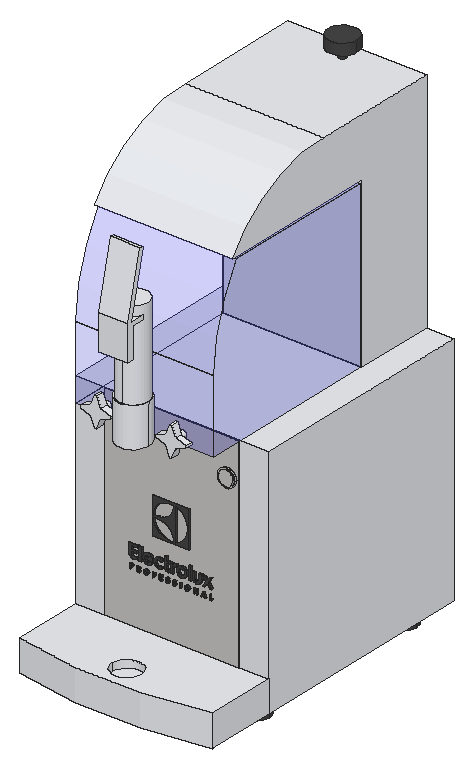
Revit family "QF_ELECTROLUXPROFESSIONAL_562514_GT1PR290", category Attrezzature speciali, Revit 2020
Family settings
  Quota connettore circolare = Usa diametro
  Tipo di parte = Normale
  Basato su piano di lavoro = No
  Sempre verticale = Sì
  Taglio con vuoti quando caricato = No
  Condiviso = No
  Punto di calcolo locali = No
Parameters (values of type "Standard")
  Weight = 28.00 kg
  Watts = 420 W
  Volts = 220 V
  URL Manufacturer = "https://www.electroluxprofessional.com/"
  URL = "https://www.electroluxprofessional.com/"
  Steam Supply Size = 0 mm
  Steam Supply Minimum Pressure = 0.0 Pa
  Steam Supply Maximum Pressure = 0.0 Pa
  Steam Consumption per Hour = 0
  Show Logo [instance] = yes
  Show Clearance [instance] = yes
  Refrigeration Suction Line Size = 0 mm
  Refrigeration Liquid Line Size = 0 mm
  Refrigerant Compressor Remote = yes
  Prospetto di default = 0 mm
  Produttore = "Electrolux Professional"
  Phase = 1
  Modello = "GT1PR290"
  Length Actual = 260 mm  # constant formula
  Item Number = "562514"
  Hot Water Size = 0 mm
  Height Actual = 650 mm  # constant formula
  HP = "0.6 HP"
  Gas Size = 0 mm
  Gas KW = 0
  Gas Input Pressure = 0 W
  Direct Waste Size = 0 mm
  Descrizione = "1X5 LT BOWL - FROZEN GRANITA, FROZEN CREAMS AND SOFT ICE CREAM DISPENSER - 1 INSULATED BOWL - WHITE, R290"
  Depth Actual = 425 mm  # constant formula
  Cycle = 50 Hz
  Condensate Return Size = 0 mm
  Compressed Air Volume = 0.0 L/s
  Compressed Air Size = 0 mm
  Compressed Air Pressure = 0.0 Pa
  Cold Water Size = 0 mm
  Accessory = yes
Reference planes
  plane 1: z = 0
  plane 2 "LEFT": x = -300
  plane 3 "BACK": y = 282.5
  plane 4: z = 648.875
  plane 5: z = 340
  plane 6: z = 63
  plane 7: z = 677
  plane 8: x = -38
  plane 9: y = -142.5
Forms (mm)
  Extrusion 1, solid, material "QF_Finishes_White"
    sketch origin (0, -1.353, -30) x (1, 0, 0) y (0, 1, 0)
      loop
        line (-300, 283.853) -> (-300, -31.147) -> (-38, -31.147) -> (-38, 283.853) -> (-300, 283.853)
    from 50 to 370
  Extrusion 2, solid, material "QF_Finishes_Stainless Steel"
    sketch origin (15.921, 130.5, -87.462) x (1, 0, 0) y (0, 1, 0)
      loop
        line (-93.921, -163) -> (-275.921, -163) -> (-275.921, -163.8) -> (-93.921, -163.8) -> (-93.921, -163)
    from 150.462 to 427.462
  Extrusion 3, solid, material "QF_Finishes_Stainless Steel"
    sketch origin (-521.596, -170.677, 18) x (0, -1, 0) y (1, 0, 0)
      loop
        line (-163.023, 407.596) -> (-163.023, 427.596) -> (-183.023, 427.596) -> (-183.023, 407.596) -> (-163.023, 407.596)
    from 0 to 2
Dimensions and locks
  plane 4 to level = 648.875 mm
  level to plane 7 = 677 mm
  plane 6 to level = 63 mm
  plane 5 to plane 6 = 277 mm
  plane 2 "LEFT" to plane 8 = 262 mm
  plane 9 to plane 3 "BACK" = 425 mm
  plane 5 to nested 11 = 246.5 mm
  plane 3 "BACK" to nested 11 = 417.25 mm
  plane 3 "BACK" to plane 9 = 425 mm
  aligned and locked: level to plane 1
Nested families
  nested 1: "MANOPOLA BEVERAGE" at (-220, -78.664, 353.538) x (0, 0, 1) z (0, -1, 0), type "MANOPOLA BEVERAGE"
  nested 2: "MANOPOLA BEVERAGE" at (-118, -78.664, 353.538) x (0, 0, 1) z (0, -1, 0), type "MANOPOLA BEVERAGE"
  nested 3: "PORTAGRANITE BEVERAGE-fat" at (-169, 107.419, 340), type "PORTAGRANITE BEVERAGE-fat"
  nested 4: "VASCHETTA BEVERAGE_Large" at (-169, -32.5, 41.5) x (1, 0, 0) z (0, -1, 0), type "VASCHETTA BEVERAGE_Large"
  nested 5: "ELXP_LOGO_ONLY_MEDIUM" at (-169, -33.3, 208.538) x (1, 0, 0) z (0, -1, 0), Show Logo <- "Show Logo", visible <- "Show Logo", type "ELXP_LOGO_ONLY_MEDIUM"
    with Show Logo yes
  nested 6: "ELX_LOGO_WORDS_MEDIUM" at (-169, -33.3, 149.149) x (1, 0, 0) z (0, -1, 0), visible <- "Show Logo", Show Logo <- "Show Logo", type "ELX_LOGO_WORDS_MEDIUM"
    with Show Logo yes
  nested 7: "Piedino 20x19 mm - Beverage" at (-264, 240.5, 0), type "Piedino 20x19 mm - Beverage"
  nested 8: "Piedino 20x19 mm - Beverage" at (-264, -9.5, 0), type "Piedino 20x19 mm - Beverage"
  nested 9: "Piedino 20x19 mm - Beverage" at (-74, 240.5, 0), type "Piedino 20x19 mm - Beverage"
  nested 10: "Piedino 20x19 mm - Beverage" at (-74, -9.5, 0), type "Piedino 20x19 mm - Beverage"
  nested 11: "BOCCHETTONE BEVERAGE_Tozzo" at (-167.625, -78.664, 463) x (1, 0, 0) z (0, -1, 0), type "BOCCHETTONE BEVERAGE_Tozzo"
  nested 12: "MANOPOLA APERTURA BEVERAGE " at (-169, 257.5, 648.875) x (-1, 0, 0) z (0, 0, 1), type "MANOPOLA APERTURA BEVERAGE "
  nested 13: "Bottone" at (-93, -33.3, 290) x (1, 0, 0) z (0, -1, 0), type "Bottone"
Connectors
  electrical at (-104, 2.346, 18), driven by "Volts"
    settings: on Extrusion 3, index 73, voltage 220 V, apparent load 0 VA, apparent load phase1 0 VA, apparent load phase2 0 VA, apparent load phase3 0 VA, power factor 1, load classification "Altro", number of poles 1, system type 30, power factor state 1, is connector primary yes, connector utility no, sub classification motor no, connector description "Electrical Connection"
Definition of nested family "MANOPOLA BEVERAGE"
  Parameters (values of type "MANOPOLA BEVERAGE")
    Default Elevation = 1219.2 mm
  Reference planes
    plane 1 "Centro (Fronte/Retro)": y = 0
    plane 2: z = 0
    plane 3 "Centro (Sinistra/Destra)": x = 0
    plane 4: z = 20
  Forms (mm)
    Extrusion 1, solid
      sketch origin (0, 0, 0) x (1, 0, 0) y (0, 1, 0)
        loop
          line (-1219.2, 1219.2) -> (-1219.2, -1219.2) -> (1219.2, -1219.2) -> (1219.2, 1219.2) -> (-1219.2, 1219.2)
      from 0 to -304.8
    Extrusion 2, solid
      sketch origin (0, 0, 10) x (1, 0, 0) y (0, 1, 0)
        loop
          line (-20, -1.333) -> (-6.314, -6.314) -> (-1.333, -20) -> (1.333, -20) -> (6.314, -6.314) -> (20, -1.333) -> (20, 1.333) -> (6.314, 6.314) -> (1.333, 20) -> (-1.333, 20) -> (-6.314, 6.314) -> (-20, 1.333) -> (-20, -1.333)
      from 0 to 10
    Extrusion 3, solid
      sketch origin (0, 0, 0) x (1, 0, 0) y (0, 1, 0)
        loop
          circle (0, 0) r 5
      from 0 to 10
  Dimensions and locks
    aligned and locked: plane 2 to Extrusion 1
    aligned and locked: level to Extrusion 1
Definition of nested family "PORTAGRANITE BEVERAGE-fat"
  Parameters (values of type "PORTAGRANITE BEVERAGE-fat")
    Default Elevation = 1219.2 mm
  Reference planes
    plane 1 "Centro (Fronte/Retro)": y = 0
    plane 2: z = 0
    plane 3 "Centro (Sinistra/Destra)": x = 0
    plane 4: x = -94
    plane 5: x = 94
  Forms (mm)
    Extrusion 1, solid
      sketch origin (0, 0, 0) x (1, 0, 0) y (0, 1, 0)
        loop
          line (-1219.2, 1219.2) -> (-1219.2, -1219.2) -> (1219.2, -1219.2) -> (1219.2, 1219.2) -> (-1219.2, 1219.2)
      from 0 to -304.8
    Extrusion 2, solid
      sketch origin (-94, -107.419, -376) x (0, 1, 0) y (0, 0, 1)
        loop
          line (172.5, 604.875) -> (172.5, 376) -> (282.5, 376) -> (282.5, 684.875) -> (107.419, 684.875)
          arc (107.419, 684.875) -> (20.241, 663.694) -> (-47.5, 604.875) r 190
          line (-47.5, 604.875) -> (172.5, 604.875)
      from 0 to 188
    Extrusion 3, solid
      sketch origin (-101.5, -107.419, -378) x (0, 1, 0) y (0, 0, 1)
        loop
          line (170.5, 378) -> (170.5, 603) -> (-39.5, 603)
          arc (-39.5, 603) -> (-68.644, 543.496) -> (-78.664, 478) r 219.065
          line (-78.664, 478) -> (-78.664, 378) -> (170.5, 378)
      from 7.5 to 195.5
  Dimensions and locks
    plane 4 to plane 5 = 188 mm  (x2)
    Extrusion 2 sketch curve to Extrusion 2 sketch curve = 330 mm
    Extrusion 2 to Extrusion 3 sketch curve = 361.164 mm
    Extrusion 2 sketch curve to Extrusion 1 = 308.875 mm
    Extrusion 2 to Extrusion 3 = 361.164 mm
    Extrusion 2 to Extrusion 1 = 308.875 mm
    aligned and locked: plane 2 to Extrusion 1
    aligned and locked: level to Extrusion 1
Definition of nested family "VASCHETTA BEVERAGE_Large"
  Parameters (values of type "VASCHETTA BEVERAGE_Large")
    Default Elevation = 1219.2 mm
    Length = 262 mm
    Heigth = 43 mm
    Deep = 110 mm
  Reference planes
    plane 1 "Centro (Fronte/Retro)": y = 0
    plane 2: z = 0
    plane 3 "Centro (Sinistra/Destra)": x = 0
    plane 4: z = 110
    plane 5: x = 131
    plane 6: x = -131
  Forms (mm)
    Extrusion 1, solid
      sketch origin (0, 0, 0) x (1, 0, 0) y (0, 1, 0)
        loop
          line (-1219.2, 1219.2) -> (-1219.2, -1219.2) -> (1219.2, -1219.2) -> (1219.2, 1219.2) -> (-1219.2, 1219.2)
      from 0 to -304.8
    Extrusion 2, void
      sketch origin (202.5, -88.5, -167.5) x (1, 0, 0) y (0, 0, -1)
        loop
          circle (-202.5, -244.664) r 20
      from 100 to 110
    Extrusion 3, solid
      sketch origin (0, -2.5, 0) x (1, 0, 0) y (0, 0, 1)
        loop
          arc (131, 95) -> (0, 110.167) -> (-131, 95) r 573.335
          line (-131, 95) -> (-131, 0) -> (131, 0) -> (131, 95)
      from -24 to 19
  Cuts and joins
    Extrusion 2 cuts Extrusion 3
  Dimensions and locks
    "Heigth": Extrusion 3 to Extrusion 3
    "Length": plane 6 to plane 5
    "Deep": Extrusion 1 to plane 4
    aligned and locked: plane 2 to Extrusion 1
    aligned and locked: level to Extrusion 1
  Automatic sketch dimensions
    Extrusion 1 sketch curve to Extrusion 1 sketch curve = 2438.4 mm  (x2)
    Extrusion 2 sketch curve to plane 3 "Centro (Sinistra/Destra)" = 0 mm
    plane 4 to Extrusion 2 sketch curve = 32.836 mm
    Extrusion 3 sketch curve to level = 0 mm
    plane 6 to Extrusion 3 sketch curve = 0 mm
    Extrusion 3 sketch curve to plane 3 "Centro (Sinistra/Destra)" = 0 mm
    plane 5 to Extrusion 3 sketch curve = 0 mm
    Extrusion 3 sketch curve to level = 463.168 mm
    plane 4 to Extrusion 3 sketch curve = 15 mm
    Extrusion 3 sketch curve to Extrusion 3 sketch curve = 0 mm
    radius of Extrusion 2 sketch curve = 20 mm
Definition of nested family "ELXP_LOGO_ONLY_MEDIUM"
  Parameters (values of type "ELXP_LOGO_ONLY_MEDIUM")
    Show Logo [instance] = yes
    Default Elevation = 0 mm
  Reference planes
    plane 1 "Centro (Fronte/Retro)": y = 0
    plane 2: z = 0
    plane 3 "Centro (Sinistra/Destra)": x = 0
  Forms (mm)
    Extrusion 1, solid
      sketch origin (0, 0, 0) x (1, 0, 0) y (0, 1, 0)
        loop
          line (-1219.2, 1219.2) -> (-1219.2, -1219.2) -> (1219.2, -1219.2) -> (1219.2, 1219.2) -> (-1219.2, 1219.2)
      from 0 to -304.8
    Extrusion 2, solid, visible <- "Show Logo"
      sketch origin (15.862, -72.798, 0) x (1, 0, 0) y (0, 1, 0)
        loop
          line (-40.901, 47.952) -> (9.138, 47.952) -> (9.138, 97.923) -> (-40.901, 97.923) -> (-40.901, 47.952)
        loop
          line (-9.2, 95.47) -> (-9.2, 50.507)
          arc (-9.2, 50.507) -> (7.421, 72.988) -> (-9.2, 95.47) r 23.515
        loop
          line (-11.486, 92.214) -> (-11.486, 95.47)
          arc (-11.486, 95.47) -> (-30.185, 91.22) -> (-39.194, 74.292) r 23.044
          line (-39.194, 74.292) -> (-31.756, 74.292)
          arc (-31.756, 74.292) -> (-18.467, 79.686) -> (-11.486, 92.214) r 21.599
        loop
          arc (-39.194, 71.685) -> (-30.2, 54.618) -> (-11.486, 49.93) r 23.647
          line (-11.486, 49.93) -> (-11.486, 53.763)
          arc (-11.486, 53.763) -> (-18.467, 66.291) -> (-31.756, 71.685) r 21.599
          line (-31.756, 71.685) -> (-39.194, 71.685)
      from 0 to 1.644
  Dimensions and locks
    aligned and locked: plane 2 to Extrusion 1
    aligned and locked: level to Extrusion 1
Definition of nested family "ELX_LOGO_WORDS_MEDIUM"
  Parameters (values of type "ELX_LOGO_WORDS_MEDIUM")
    Show Logo [instance] = yes
    Default Elevation = 0 mm
  Reference planes
    plane 1 "Centro (Fronte/Retro)": y = 0
    plane 2: z = 0
    plane 3 "Centro (Sinistra/Destra)": x = 0
  Forms (mm)
    Extrusion 1, solid
      sketch origin (0, 0, 0) x (1, 0, 0) y (0, 1, 0)
        loop
          line (-1219.2, 1219.2) -> (-1219.2, -1219.2) -> (1219.2, -1219.2) -> (1219.2, 1219.2) -> (-1219.2, 1219.2)
      from 0 to -304.8
    Extrusion 2, solid, visible <- "Show Logo"
      sketch origin (0, 0, 0) x (1, 0, 0) y (0, 1, 0)
        loop
          line (-45.351, 15.842) -> (-56.505, 15.842) -> (-56.505, 2.853)
          arc (-56.505, 2.853) -> (-55.037, -0.691) -> (-51.493, -2.159) r 5.012
          line (-51.493, -2.159) -> (-45.135, -2.159) -> (-45.135, 0.755) -> (-50.767, 0.755)
          arc (-50.767, 0.755) -> (-52.618, 1.38) -> (-53.406, 3.168) r 2.423
          line (-53.406, 3.168) -> (-53.406, 5.743) -> (-45.833, 5.743) -> (-45.833, 8.668) -> (-53.406, 8.668) -> (-53.406, 12.925) -> (-45.351, 12.925) -> (-45.351, 15.842)
        loop
          line (-42.933, 15.842) -> (-42.933, -2.159) -> (-39.832, -2.159) -> (-39.832, 15.842) -> (-42.933, 15.842)
        loop
          line (24.405, 15.842) -> (24.405, -2.159) -> (27.508, -2.159) -> (27.508, 15.842) -> (24.405, 15.842)
        loop
          line (-34.705, 3.589) -> (-24.531, 3.589)
          arc (-24.531, 3.589) -> (-26.123, 9.178) -> (-31.565, 11.217) r 6.447
          arc (-31.565, 11.217) -> (-36.358, 8.786) -> (-37.726, 3.589) r 6.56
          arc (-37.726, 3.589) -> (-35.926, -0.757) -> (-31.58, -2.557) r 6.146
          arc (-31.58, -2.557) -> (-28.198, -2.058) -> (-25.362, -0.149) r 7.726
          line (-25.362, -0.149) -> (-27.199, 1.688)
          arc (-27.199, 1.688) -> (-29.61, 0.242) -> (-32.411, 0.485) r 4.558
          arc (-32.411, 0.485) -> (-34.119, 1.622) -> (-34.705, 3.589) r 3.019
        loop
          line (-34.628, 5.769) -> (-27.646, 5.769)
          arc (-27.646, 5.769) -> (-28.626, 7.83) -> (-30.779, 8.59) r 2.974
          arc (-30.779, 8.59) -> (-33.263, 7.943) -> (-34.628, 5.769) r 3.481
        loop
          line (-12.445, 7.067) -> (-10.499, 9.013)
          arc (-10.499, 9.013) -> (-12.94, 10.78) -> (-15.907, 11.309) r 6.746
          arc (-15.907, 11.309) -> (-20.432, 9.655) -> (-22.806, 5.463) r 6.977
          arc (-22.806, 5.463) -> (-18.803, -1.885) -> (-10.608, -0.191) r 7.026
          line (-10.608, -0.191) -> (-12.544, 1.745)
          arc (-12.544, 1.745) -> (-16.723, 0.362) -> (-19.717, 3.589) r 4.071
          arc (-19.717, 3.589) -> (-19.509, 6.14) -> (-17.752, 8.002) r 3.867
          arc (-17.752, 8.002) -> (-14.941, 8.431) -> (-12.445, 7.067) r 4.442
        loop
          line (-8.594, 15.842) -> (-8.594, 3.541)
          arc (-8.594, 3.541) -> (-8.326, 1.695) -> (-7.635, -0.038) r 7.951
          arc (-7.635, -0.038) -> (-5.422, -1.797) -> (-2.62, -2.167) r 5.297
          line (-2.62, -2.167) -> (-2.62, 0.738)
          arc (-2.62, 0.738) -> (-3.453, 0.802) -> (-4.23, 1.109) r 2.792
          arc (-4.23, 1.109) -> (-5.227, 2.163) -> (-5.494, 3.589) r 2.57
          line (-5.494, 3.589) -> (-5.494, 8.043) -> (-2.678, 8.043) -> (-2.678, 10.86) -> (-5.494, 10.86) -> (-5.494, 15.842) -> (-8.594, 15.842)
        loop
          arc (3.006, 4.684) -> (3.228, 5.982) -> (3.868, 7.133) r 3.911
          arc (3.868, 7.133) -> (5.725, 8.086) -> (7.812, 8.043) r 4.26
          line (7.812, 8.043) -> (7.812, 11.023)
          arc (7.812, 11.023) -> (5.085, 10.766) -> (3.006, 8.983) r 4.524
          line (3.006, 8.983) -> (3.006, 10.86) -> (-0.069, 10.86) -> (-0.069, -2.159) -> (3.006, -2.159) -> (3.006, 4.684)
        loop
          circle (15.393, 4.348) r 6.899
        loop
          circle (15.393, 4.348) r 4.181
        loop
          arc (38.69, 3.262) -> (37.924, 1.158) -> (35.848, 0.319) r 2.752
          arc (35.848, 0.319) -> (33.771, 1.158) -> (33.005, 3.262) r 2.752
          line (33.005, 3.262) -> (33.005, 10.859) -> (29.879, 10.859) -> (29.879, 3.004)
          arc (29.879, 3.004) -> (31.658, -1.052) -> (35.848, -2.489) r 5.512
          arc (35.848, -2.489) -> (40.084, -1.008) -> (41.815, 3.132) r 5.512
          line (41.815, 3.132) -> (41.815, 10.859) -> (38.69, 10.859) -> (38.69, 3.262)
        loop
          line (43.689, 10.859) -> (48.192, 4.746) -> (43.245, -2.164) -> (46.578, -2.164) -> (49.861, 2.422) -> (53.193, -2.164) -> (56.505, -2.164) -> (51.629, 4.817) -> (56.087, 10.859) -> (52.703, 10.859) -> (49.851, 6.995) -> (47.043, 10.859) -> (43.689, 10.859)
        loop
          line (-53.813, -9.621) -> (-56.285, -9.621) -> (-56.285, -15.847) -> (-54.932, -15.847) -> (-54.932, -13.703) -> (-53.437, -13.703)
          arc (-53.437, -13.703) -> (-51.764, -11.49) -> (-53.813, -9.621) r 2.058
        loop
          arc (-53.496, -12.48) -> (-52.984, -11.679) -> (-53.496, -10.879) r 0.881
          line (-53.496, -10.879) -> (-54.932, -10.879) -> (-54.932, -12.48) -> (-53.496, -12.48)
        loop
          line (-44.045, -9.621) -> (-46.56, -9.621) -> (-46.56, -15.847) -> (-45.207, -15.847) -> (-45.207, -13.703) -> (-43.898, -13.703) -> (-43.003, -15.847) -> (-41.55, -15.847) -> (-42.774, -13.222)
          arc (-42.774, -13.222) -> (-42.188, -12.521) -> (-41.991, -11.628) r 1.922
          arc (-41.991, -11.628) -> (-42.609, -10.206) -> (-44.045, -9.621) r 2.055
        loop
          line (-45.207, -10.879) -> (-45.207, -12.48) -> (-43.771, -12.48)
          arc (-43.771, -12.48) -> (-43.258, -11.679) -> (-43.771, -10.879) r 0.881
          line (-43.771, -10.879) -> (-45.207, -10.879)
        loop
          circle (-33.602, -12.734) r 3.233
        loop
          circle (-33.602, -12.734) r 2.052
        loop
          line (-25.054, -9.622) -> (-25.054, -15.847) -> (-23.734, -15.847) -> (-23.734, -13.671) -> (-21.392, -13.671) -> (-21.392, -12.276) -> (-23.734, -12.276) -> (-23.734, -10.963) -> (-21.167, -10.963) -> (-21.167, -9.622) -> (-25.054, -9.622)
        loop
          line (-15.917, -9.622) -> (-15.917, -13.825)
          arc (-15.917, -13.825) -> (-15.343, -15.249) -> (-13.926, -15.842) r 1.991
          line (-13.926, -15.842) -> (-11.917, -15.842) -> (-11.917, -14.666) -> (-13.806, -14.666)
          arc (-13.806, -14.666) -> (-14.501, -14.091) -> (-14.638, -13.198) r 1.267
          line (-14.638, -13.198) -> (-12.15, -13.198) -> (-12.15, -12.023) -> (-14.638, -12.023) -> (-14.638, -10.797) -> (-11.977, -10.797) -> (-11.977, -9.622) -> (-15.917, -9.622)
        loop
          arc (6.626, -10.41) -> (5.801, -9.733) -> (4.757, -9.518) r 2.228
          arc (4.757, -9.518) -> (3.792, -9.755) -> (2.999, -10.352) r 2.468
          arc (2.999, -10.352) -> (2.853, -11.766) -> (3.765, -12.856) r 1.825
          arc (3.765, -12.856) -> (4.531, -13.112) -> (5.259, -13.464) r 6.301
          arc (5.259, -13.464) -> (5.719, -14.005) -> (5.402, -14.641) r 0.645
          arc (5.402, -14.641) -> (4.814, -14.78) -> (4.228, -14.631) r 1.269
          arc (4.228, -14.631) -> (3.722, -14.266) -> (3.412, -13.725) r 1.474
          line (3.412, -13.725) -> (2.324, -14.233)
          arc (2.324, -14.233) -> (2.716, -14.99) -> (3.348, -15.561) r 2.393
          arc (3.348, -15.561) -> (4.065, -15.867) -> (4.841, -15.945) r 2.579
          arc (4.841, -15.945) -> (5.8, -15.754) -> (6.664, -15.295) r 3.369
          arc (6.664, -15.295) -> (7.045, -14.28) -> (6.848, -13.214) r 2.023
          arc (6.848, -13.214) -> (6.423, -12.723) -> (5.879, -12.368) r 2.346
          arc (5.879, -12.368) -> (5.19, -12.061) -> (4.485, -11.796) r 12.353
          arc (4.485, -11.796) -> (4.077, -11.162) -> (4.666, -10.692) r 0.562
          arc (4.666, -10.692) -> (5.372, -10.862) -> (5.915, -11.344) r 1.497
          line (5.915, -11.344) -> (6.626, -10.41)
        loop
          line (12.337, -9.622) -> (12.337, -15.842) -> (13.616, -15.842) -> (13.616, -9.622) -> (12.337, -9.622)
        loop
          circle (22.24, -12.732) r 1.935
        loop
          circle (22.24, -12.732) r 3.231
        loop
          line (30.821, -15.842) -> (32.114, -15.842) -> (32.114, -11.931) -> (34.96, -15.842) -> (36.203, -15.842) -> (36.203, -9.622) -> (34.911, -9.622) -> (34.911, -13.651) -> (32.065, -9.622) -> (30.821, -9.622) -> (30.821, -15.842)
        loop
          line (42.652, -15.842) -> (43.258, -14.5) -> (45.559, -14.5) -> (46.165, -15.842) -> (47.54, -15.842) -> (44.912, -9.622) -> (43.712, -9.622) -> (41.279, -15.842) -> (42.652, -15.842)
        loop
          line (44.985, -13.224) -> (44.369, -11.857) -> (43.77, -13.224) -> (44.985, -13.224)
        loop
          line (53.893, -14.666) -> (53.893, -9.622) -> (52.614, -9.622) -> (52.614, -15.842) -> (56.285, -15.842) -> (56.285, -14.666) -> (53.893, -14.666)
        loop
          arc (-2.701, -10.41) -> (-3.525, -9.733) -> (-4.57, -9.518) r 2.228
          arc (-4.57, -9.518) -> (-5.534, -9.755) -> (-6.327, -10.352) r 2.468
          arc (-6.327, -10.352) -> (-6.473, -11.766) -> (-5.562, -12.856) r 1.825
          arc (-5.562, -12.856) -> (-4.795, -13.112) -> (-4.067, -13.464) r 6.301
          arc (-4.067, -13.464) -> (-3.608, -14.005) -> (-3.924, -14.641) r 0.645
          arc (-3.924, -14.641) -> (-4.512, -14.78) -> (-5.098, -14.631) r 1.269
          arc (-5.098, -14.631) -> (-5.604, -14.266) -> (-5.914, -13.725) r 1.474
          line (-5.914, -13.725) -> (-7.002, -14.233)
          arc (-7.002, -14.233) -> (-6.61, -14.99) -> (-5.978, -15.561) r 2.393
          arc (-5.978, -15.561) -> (-5.261, -15.867) -> (-4.485, -15.945) r 2.579
          arc (-4.485, -15.945) -> (-3.526, -15.754) -> (-2.663, -15.295) r 3.369
          arc (-2.663, -15.295) -> (-2.281, -14.28) -> (-2.478, -13.214) r 2.023
          arc (-2.478, -13.214) -> (-2.903, -12.723) -> (-3.448, -12.368) r 2.346
          arc (-3.448, -12.368) -> (-4.136, -12.061) -> (-4.842, -11.796) r 12.353
          arc (-4.842, -11.796) -> (-5.249, -11.162) -> (-4.66, -10.692) r 0.562
          arc (-4.66, -10.692) -> (-3.954, -10.862) -> (-3.412, -11.344) r 1.497
          line (-3.412, -11.344) -> (-2.701, -10.41)
      from 0 to 1.644
  Dimensions and locks
    aligned and locked: plane 2 to Extrusion 1
    aligned and locked: level to Extrusion 1
Definition of nested family "Piedino 20x19 mm - Beverage"
  Parameters (values of type "Piedino 20x19 mm - Beverage")
    Default Elevation = 0 mm
    P = 930 mm
    L = 400 mm
    H = 290 mm
  Reference planes
    plane 1: y = 0
    plane 2: z = 0
    plane 3: x = 0
    plane 4: z = 290
    plane 5: z = 24
    plane 6: z = 55
  Forms (mm)
    Extrusion 1, solid
      sketch origin (-373.847, 979.72, 0) x (1, 0, 0) y (0, 1, 0)
        loop
          circle (373.847, -979.72) r 19
      from 0 to 20
  Dimensions and locks
    "H": plane 4 to level
    plane 4 to plane 5 to level = 266 mm, 24 mm
    level to plane 6 = 55 mm
    aligned and locked: level to plane 2
  Automatic sketch dimensions
    plane 3 to Extrusion 1 sketch curve = 0 mm
    plane 1 to Extrusion 1 sketch curve = 0 mm
    radius of Extrusion 1 sketch curve = 19 mm
Definition of nested family "BOCCHETTONE BEVERAGE_Tozzo"
  Parameters (values of type "BOCCHETTONE BEVERAGE_Tozzo")
    Default Elevation = 1219.2 mm
  Reference planes
    plane 1 "Centro (Fronte/Retro)": y = 0
    plane 2: z = 0
    plane 3 "Centro (Sinistra/Destra)": x = 0
    plane 4: y = -123.5
    plane 5: y = 123.5
    plane 6: z = 22.09
  Forms (mm)
    Extrusion 1, solid
      sketch origin (0, 0, 0) x (1, 0, 0) y (0, 1, 0)
        loop
          line (-1219.2, 1219.2) -> (-1219.2, -1219.2) -> (1219.2, -1219.2) -> (1219.2, 1219.2) -> (-1219.2, 1219.2)
      from 0 to -304.8
    Extrusion 2, solid
      sketch origin (0, -51.625, 19.664) x (0, 0, 1) y (1, 0, 0)
        loop
          circle (2.426, 0) r 20
      from -18.353 to 101.625
    Extrusion 3, void
      sketch origin (-4.375, -126.625, 34.086) x (1, 0, 0) y (0, 0, -1)
        loop
          line (27.179, -16.141) -> (27.179, 12.684) -> (6.226, 12.684) -> (6.226, -10.188) -> (21.226, -10.188) -> (27.179, -16.141)
        loop
          line (-18.429, -16.141) -> (-12.476, -10.188) -> (2.524, -10.188) -> (2.524, 12.684) -> (-18.429, 12.684) -> (-18.429, -16.141)
      from 104.337 to 159.894
    Extrusion 4, solid
      sketch origin (25, -97.404, 18.125) x (0, 0, 1) y (0, 1, 0)
        loop
          line (11.922, 135.839) -> (11.922, 88.779) -> (37.961, 88.779) -> (37.961, 136.453) -> (16.929, 220.809) -> (12.077, 219.599) -> (32.961, 135.839) -> (11.922, 135.839)
      from 5 to 45
    Extrusion 5, solid
      sketch origin (0, -126.625, 25.97) x (1, 0, 0) y (0, 0, -1)
        loop
          circle (0, 3.97) r 22
      from 3.125 to 56.647
  Cuts and joins
    Extrusion 3 cuts Extrusion 4
    joined: Extrusion 2, Extrusion 4
  Dimensions and locks
    plane 5 to plane 4 = 247 mm
    plane 5 to plane 1 "Centro (Fronte/Retro)" to plane 4 = 123.5 mm, 123.5 mm
    cut or joined group of Extrusion 2, Extrusion 3, Extrusion 4 to Extrusion 1 = 56.086 mm
    aligned and locked: plane 2 to Extrusion 1
    aligned and locked: level to Extrusion 1
Definition of nested family "MANOPOLA APERTURA BEVERAGE "
  Parameters (values of type "MANOPOLA APERTURA BEVERAGE ")
    Default Elevation = 1219.2 mm
  Reference planes
    plane 1 "Centro (Fronte/Retro)": y = 0
    plane 2: z = 0
    plane 3 "Centro (Sinistra/Destra)": x = 0
    plane 4: z = 27
  Forms (mm)
    Extrusion 1, solid
      sketch origin (0, 0, 0) x (1, 0, 0) y (0, 1, 0)
        loop
          line (-1219.2, 1219.2) -> (-1219.2, -1219.2) -> (1219.2, -1219.2) -> (1219.2, 1219.2) -> (-1219.2, 1219.2)
      from 0 to -304.8
    Extrusion 2, solid
      sketch origin (0, 0, 0) x (1, 0, 0) y (0, 1, 0)
        loop
          circle (0, 0) r 5
      from 0 to 12
    Extrusion 3, solid
      sketch origin (0, 0, 12) x (1, 0, 0) y (0, 1, 0)
        loop
          circle (0, 0) r 20
      from 0 to 15
  Dimensions and locks
    Extrusion 1 to plane 4 = 27 mm
    aligned and locked: plane 2 to Extrusion 1
    aligned and locked: level to Extrusion 1
Definition of nested family "Bottone"
  Parameters (values of type "Bottone")
    Default Elevation = 1219.2 mm
  Reference planes
    plane 1 "Centro (Fronte/Retro)": y = 0
    plane 2: z = 0
    plane 3 "Centro (Sinistra/Destra)": x = 0
  Forms (mm)
    Extrusion 1, solid
      sketch origin (0, 0, 0) x (1, 0, 0) y (0, 1, 0)
        loop
          line (-1219.2, 1219.2) -> (-1219.2, -1219.2) -> (1219.2, -1219.2) -> (1219.2, 1219.2) -> (-1219.2, 1219.2)
      from 0 to -304.8
    Extrusion 2, solid
      sketch origin (0, 0, 0) x (1, 0, 0) y (0, 1, 0)
        loop
          circle (0, 0) r 12
        loop
          circle (0, 0) r 10
      from 0 to 2
    Extrusion 3, solid
      sketch origin (0, 0, 0) x (1, 0, 0) y (0, 1, 0)
        loop
          circle (0, 0) r 9.75
      from 0 to 3
  Dimensions and locks
    aligned and locked: plane 2 to Extrusion 1
    aligned and locked: level to Extrusion 1
